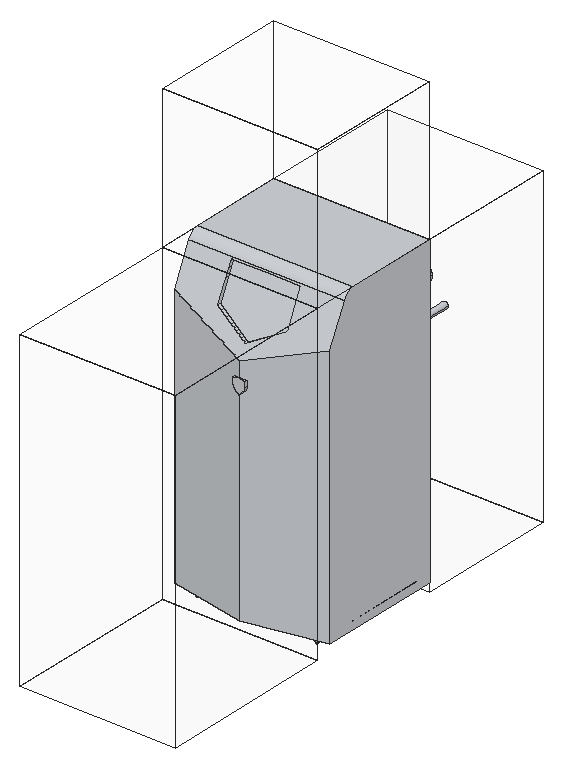
Revit family "FTXL Boiler FTX400-1000", category Mechanical Equipment, Revit 2019
Family settings
  Round Connector Dimension = Use Radius
  Part Type = Normal
  OmniClass Number = 23.65.35.11.17
  OmniClass Title = Thermodynamic Water Heaters
  Work Plane-Based = No
  Always vertical = Yes
  Cut with Voids When Loaded = No
  Shared = No
  Room Calculation Point = No
Parameters (values of type "FTX400")
  Water Outlet Radius = 1"
  Water Inlet Radius = 1"
  WATER OUTLET SIZE = Water Outlet Radius * 2  # 2"
  WATER INLET SIZE = Water Inlet Radius * 2  # 2"
  Vent Radius = 2"
  VENT SIZE = Vent Radius * 2  # 4"
  Top Clearance = 24"
  SES BIM Studio # = "24 0649 01"
  N_Water Outlet Height = 40"
  M_Water Outlet Offset = 2 1/4"
  L_Drain Height = 2 1/4"
  F_Water Inlet Height = 10 3/4"
  Gas Radius = 1/2"
  GAS SIZE = Gas Radius * 2  # 1"
  Front Clearance = 30"
  Vent Base Radius = 3"
  O_Vent Connection Height = 12 1/2"
  H_Air Inlet Height = 46 1/2"
  Elec Offset from Right = 20"
  Elec Offset from Bottom = 49"
  J_Air Inlet Offset = 3 1/4"
  P_Water Inlet Offset = 9 1/2"
  Rear Clearance = 24"
  WIDTH = 26 1/4"
  Voltage/Heater = "120"
  Voltage/Control = "24"
  URL = "https://www.lochinvar.com/products/commercial-boilers/ftxl-10/"
  FLA = "4"
  Model = MODEL NO.  # "FTX400"
  Manufacturer = "Lochinvar"
  MODEL NO. = "FTX400"
  K_Offset to Gas = 2 1/4"
  G_Gas Conn Height = 40"
  GALLON CAPACITY = "13"
  Clearance Visibility = yes
  E_Vent Offset = 9 3/4"
  DEPTH = 23 1/2"
  INPUT RATE (BTUH) = "399,000"
  D_Depth to Flue Centerline = 28"
  Air Inlet Radius = 2"
  HEIGHT = 53 1/4"
  FUEL TYPE = "NATURAL GAS"
  Description = "FTXL Fire Tube Boiler"
  Fuel Type = "Natural or LP"
  C_Total Depth = D_Depth to Flue Centerline + Vent Base Radius  # 31"
  AIR INLET SIZE = Air Inlet Radius * 2  # 4"
  # of Electrical Connections = "1"
Types (7): name | Water Outlet Radius | Water Inlet Radius | WATER OUTLET SIZE | WATER INLET SIZE | Vent Radius | VENT SIZE | M_Water Outlet Offset | L_Drain Height | F_Water Inlet Height | Gas Radius | GAS SIZE | Vent Base Radius | H_Air Inlet Height | Elec Offset from Bottom | J_Air Inlet Offset | P_Water Inlet Offset | FLA | Model | MODEL NO. | K_Offset to Gas | G_Gas Conn Height | GALLON CAPACITY | E_Vent Offset | DEPTH | INPUT RATE (BTUH) | D_Depth to Flue Centerline | Air Inlet Radius | HEIGHT | C_Total Depth | AIR INLET SIZE
  (no name) | 1" | 1" | 2" | 2" | 2" | 4" | 2 1/4" | 2 1/4" | 10 3/4" | 1/2" | 1" | 3" | 46 1/2" | 49" | 3 1/4" | 9 1/2" | "4" | "FTX400" | "FTX400" | 2 1/4" | 40" | "13" | 9 3/4" | 23 1/2" | "399,000" | 28" | 2" | 53 1/4" | 31" | 4"
  FTX1000 | 1 1/4" | 1 1/4" | 2 1/2" | 2 1/2" | 3" | 6" | 2 1/2" | 2 1/2" | 11" | 5/8" | 1 1/4" | 4 1/4" | 50 1/2" | 57" | 6 3/4" | 7 1/2" | "7" | "FTX1000" | "FTX1000" | 2 1/2" | 40 1/4" | "19" | 10 3/4" | 26 1/4" | "999,000" | 34" | 3" | 61 1/4" | 38 1/4" | 6"
  FTX850 | 1 1/4" | 1 1/4" | 2 1/2" | 2 1/2" | 3" | 6" | 2 1/4" | 2 1/4" | 11" | 1/2" | 1" | 4 1/4" | 48 1/4" | 49" | 3" | 9" | "8" | "FTX850" | "FTX850" | 3 1/2" | 40 3/4" | "16" | 10" | 23 1/2" | "850,000" | 29" | 2" | 53 1/4" | 33 1/4" | 4"
  FTX725 | 1 1/4" | 1 1/4" | 2 1/2" | 2 1/2" | 3" | 6" | 2 1/4" | 2 1/4" | 11" | 1/2" | 1" | 4 1/4" | 48 1/4" | 49" | 3" | 9" | "6" | "FTX725" | "FTX725" | 3 1/2" | 40 3/4" | "17" | 10" | 23 1/2" | "725,000" | 29" | 2" | 53 1/4" | 33 1/4" | 4"
  FTX600 | 1" | 1" | 2" | 2" | 2" | 4" | 2 1/4" | 2 1/4" | 10 3/4" | 1/2" | 1" | 3" | 48 1/4" | 49" | 3 1/4" | 9 1/2" | "7" | "FTX600" | "FTX600" | 3 3/4" | 40 3/4" | "12" | 9 3/4" | 23 1/2" | "600,000" | 28" | 2" | 53 1/4" | 31" | 4"
  FTX500 | 1" | 1" | 2" | 2" | 2" | 4" | 2 1/4" | 2 1/4" | 10 3/4" | 1/2" | 1" | 3" | 46 1/2" | 49" | 3 1/4" | 9 1/2" | "6" | "FTX500" | "FTX500" | 2 1/4" | 39 3/4" | "12" | 9 3/4" | 23 1/2" | "500,000" | 28" | 2" | 53 1/4" | 31" | 4"
  FTX400 | 1" | 1" | 2" | 2" | 2" | 4" | 2 1/4" | 2 1/4" | 10 3/4" | 1/2" | 1" | 3" | 46 1/2" | 49" | 3 1/4" | 9 1/2" | "4" | "FTX400" | "FTX400" | 2 1/4" | 40" | "13" | 9 3/4" | 23 1/2" | "399,000" | 28" | 2" | 53 1/4" | 31" | 4"
Reference planes (in)
  plane 1: z = 0
  plane 2 "Center (Left/Right)": x = -1.39218
  plane 3 "Back": y = 17.375
  plane 4 "Front": y = -6.125
  plane 5 "Top": z = 53.25
  plane 6 "Right": x = 11.73282
  plane 7 "Left": x = -14.51718
  plane 8 "Gas CL": x = 9.48282
  plane 9 "Offset to Vent": y = 24.875
  plane 10 "Gas Height": z = 40
  plane 11 "Water Inlet 2": z = 10.75
  plane 12 "Water Outlet Height": z = 40
  plane 13 "Drain Height": z = 2.25
  plane 14 "Drain CL": x = 9.23282
  plane 15 "Water Outlet CL": x = -12.26718
  plane 16: z = 77.25
  plane 17 "Back Clearance": y = 41.375
  plane 18: y = -36.125
  plane 19 "Flue CL Offset": y = 21.875
  plane 20 "Water Inlet CL": x = 2.23282
  plane 21 "air inlet height cl": z = 46.5
  plane 22 "Air Inlet CL": x = 8.48282
  plane 23 "Flue Base Top": z = 9.25
  plane 24 "Flue Conn Height": z = 12.5
  plane 25 "Flue CL": x = -4.76718
  plane 26 "Bottom": z = 1.5
  plane 27 "Rails Front": y = -2.625
  plane 28 "End of Pipe": y = 23.375
  plane 29 "End of Pipe 2": y = 19.375
  plane 30: z = 40.75
  plane 31: z = 38.25
  plane 32 "Rails Back": y = 16.375
  plane 33 "Left Display": x = -7.26718
  plane 34 "Right Display": x = 4.48282
  plane 35 "Display Top": z = 51.75
  plane 36 "Display Bottom": z = 42.89511
Forms (in)
  Extrusion 1, solid
    sketch origin (0, 0, 1.5) x (1, 0, 0) y (0, 1, 0)
      loop
        line (-14.51718, 17.375) -> (-14.51718, -6.125) -> (11.73282, -6.125) -> (11.73282, 17.375) -> (-14.51718, 17.375)
    from 51.75 to 0
  Extrusion 2, solid
    sketch origin (0, 17.375, 0) x (1, 0, 0) y (0, 0, 1)
      loop
        circle (-12.26718, 40) r 1
    from 0 to -6
  Extrusion 3, solid
    sketch origin (0, 17.375, 0) x (1, 0, 0) y (0, 0, 1)
      loop
        circle (9.23282, 2.25) r 0.5
    from 0 to -2
  Extrusion 4, solid
    sketch origin (0, 17.375, 0) x (1, 0, 0) y (0, 0, 1)
      loop
        line (-8.26718, 49.875) -> (-10.89218, 49.875) -> (-10.89218, 49) -> (-8.26718, 49) -> (-8.26718, 49.875)
    from 0 to -2
  Extrusion 5, solid
    sketch origin (20.22183, 26.15573, -17.59398) x (1, 0, 0) y (0, 0, 1)
      loop
        circle (-10.73901, 57.59398) r 0.5
    from 8.78073 to 2.78073
  Extrusion 6, solid
    sketch origin (2.09682, 30.125, -8.09398) x (1, 0, 0) y (0, 0, 1)
      loop
        circle (0.136, 18.84398) r 1
    from 12.75 to 6.75
  Extrusion 7, void
    sketch origin (0, -0.375, 1.5) x (1, 0, 0) y (0, 1, 0)
      loop
        line (-14.51718, -5.75) -> (-1.39218, -5.75) -> (-14.51718, -3.25) -> (-14.51718, -5.75)
    from 0 to 51.75
  Extrusion 8, solid
    sketch origin (0, 0, 1.5) x (1, 0, 0) y (0, 1, 0)
      loop
        line (-4.76718, 17.375) -> (-1.76718, 17.375) -> (-1.76718, 21.875)
        arc (-1.76718, 21.875) -> (-4.76718, 24.875) -> (-7.76718, 21.875) r 3
        line (-7.76718, 21.875) -> (-7.76718, 17.375) -> (-4.76718, 17.375)
    from 0 to 7.75
  Extrusion 9, solid
    sketch origin (-2.875, 0, 9.25) x (1, 0, 0) y (0, 1, 0)
      loop
        circle (-1.89218, 21.875) r 2
    from 0 to 3.25
  Extrusion 10, solid
    sketch origin (0, 17.375, 0) x (1, 0, 0) y (0, 0, 1)
      loop
        circle (8.48282, 46.5) r 2
    from 0 to -2
  Extrusion 11, void
    sketch origin (0, -0.375, 1.5) x (1, 0, 0) y (0, 1, 0)
      loop
        line (11.73282, -5.75) -> (11.73282, -3.25) -> (-1.39218, -5.75) -> (11.73282, -5.75)
    from 0 to 51.75
  Extrusion 12, solid
    sketch origin (0, -6.125, 2) x (1, 0, 0) y (0, 0, 1)
      loop
        line (-0.39218, 36.05562) -> (-1.39218, 36.25) -> (-2.39218, 36.05562) -> (-2.39218, 35.06654)
        arc (-2.39218, 35.06654) -> (-2.03815, 34.29739) -> (-1.39218, 33.75) r 1.95552
        arc (-1.39218, 33.75) -> (-0.74621, 34.29739) -> (-0.39218, 35.06654) r 1.95552
        line (-0.39218, 35.06654) -> (-0.39218, 36.05562)
    from 0.25 to -0.5
  Extrusion 13, void
    sketch origin (11.73282, 0, 0) x (0, -1, 0) y (0, 0, 1)
      loop
        line (6.125, 53.25) -> (-1.23448, 53.25)
        arc (-1.23448, 53.25) -> (-0.18679, 52.78824) -> (0.54582, 51.90836) r 2.50389
        line (0.54582, 51.90836) -> (6.125, 40.75) -> (6.125, 53.25)
    from 0 to 26.25
  Extrusion 14, void
    sketch origin (0, -6.125, 0) x (1, 0, 0) y (0, 0, 1)
      loop
        line (-1.39218, 51.75) -> (-7.26718, 51.75) -> (-7.26718, 46.0189) -> (-1.39218, 42.89511) -> (4.48282, 46.0189) -> (4.48282, 51.75) -> (-1.39218, 51.75)
    from 0 to -6
  Extrusion 15, solid
    sketch origin (-1.39218, 0, 0) x (0, 1, 0) y (0, 0, 1)
      loop
        line (-0.125, 51.75) -> (-4.55245, 42.89511) -> (-0.125, 42.89511) -> (-0.125, 51.75)
    from -5.875 to 5.875
  Extrusion 16, solid, material "Default"
    sketch origin (0, -2.625, 0) x (-1, 0, 0) y (0, 0, 1)
      loop
        line (-0.10782, 1.5) -> (1.39218, 0) -> (2.89218, 1.5) -> (2.7154, 1.5) -> (1.39218, 0.17678) -> (0.06896, 1.5) -> (-0.10782, 1.5)
      loop
        line (-10.23282, 1.5) -> (-8.73282, 0) -> (-7.23282, 1.5) -> (-7.4096, 1.5) -> (-8.73282, 0.17678) -> (-10.05604, 1.5) -> (-10.23282, 1.5)
      loop
        line (13.01718, 1.5) -> (12.8404, 1.5) -> (11.51718, 0.17678) -> (10.19396, 1.5) -> (10.01718, 1.5) -> (11.51718, 0) -> (13.01718, 1.5)
    from 0 to 19
  Extrusion 17, solid, material "Clearance", visible <- "Clearance Visibility"
    sketch origin (0, 0, 0) x (1, 0, 0) y (0, 1, 0)
      loop
        line (-14.51718, -6.125) -> (-14.51718, -36.125) -> (11.73282, -36.125) -> (11.73282, -6.125) -> (-14.51718, -6.125)
    from 0 to 53.25
  Extrusion 18, solid, material "Clearance", visible <- "Clearance Visibility"
    sketch origin (0, 0, 0) x (1, 0, 0) y (0, 1, 0)
      loop
        line (-14.51718, 41.375) -> (-14.51718, 17.375) -> (11.73282, 17.375) -> (11.73282, 41.375) -> (-14.51718, 41.375)
    from 0 to 53.25
  Extrusion 19, solid, material "Clearance", visible <- "Clearance Visibility"
    sketch origin (0, 0, 53.25) x (-1, 0, 0) y (0, -1, 0)
      loop
        line (14.51718, -17.375) -> (14.51718, 6.125) -> (-11.73282, 6.125) -> (-11.73282, -17.375) -> (14.51718, -17.375)
    from 0 to 24
Cuts and joins
  Extrusion 7, Extrusion 11, Extrusion 13, Extrusion 14 cuts Extrusion 1
  joined: Extrusion 1, Extrusion 12, Extrusion 15
Dimensions and locks (in)
  "HEIGHT": plane 5 "Top" to level
  equal spacing: plane 7 "Left", plane 2 "Center (Left/Right)", plane 6 "Right"
  "WIDTH": plane 7 "Left" to plane 6 "Right"
  "DEPTH": plane 4 "Front" to plane 3 "Back"
  "N_Water Outlet Height": level to plane 12 "Water Outlet Height"
  "F_Water Inlet Height": level to plane 11 "Water Inlet 2"
  "G_Gas Conn Height": level to plane 10 "Gas Height"
  "Top Clearance": plane 5 "Top" to plane 16
  "Front Clearance": plane 18 to plane 4 "Front"
  "Rear Clearance": plane 17 "Back Clearance" to plane 3 "Back"
  "D_Depth to Flue Centerline": plane 19 "Flue CL Offset" to plane 4 "Front"
  "H_Air Inlet Height": plane 1 to plane 21 "air inlet height cl"
  locked: Extrusion 7 sketch curve to Extrusion 7 sketch curve at 2.5
  locked: Extrusion 11 sketch curve to Extrusion 11 sketch curve at 2.5
  "E_Vent Offset": plane 7 "Left" to plane 25 "Flue CL"
  "C_Total Depth": plane 4 "Front" to plane 9 "Offset to Vent"
  "Elec Offset from Right": Extrusion 4 sketch curve to plane 6 "Right"
  locked: Extrusion 4 sketch curve to Extrusion 4 sketch curve at 2.625
  locked: plane 1 to plane 26 "Bottom" at 1.5
  locked: plane 27 "Rails Front" to plane 4 "Front" at 3.5
  locked: plane 3 "Back" to plane 28 "End of Pipe" at 6
  locked: plane 3 "Back" to plane 29 "End of Pipe 2" at 2
  locked: plane 23 "Flue Base Top" to plane 24 "Flue Conn Height" at 3.25
  "O_Vent Connection Height": plane 1 to plane 24 "Flue Conn Height"
  "M_Water Outlet Offset": plane 7 "Left" to plane 15 "Water Outlet CL"
  "Elec Offset from Bottom": plane 1 to Extrusion 4 sketch curve
  locked: Extrusion 4 sketch curve to Extrusion 4 sketch curve at 0.875
  locked: plane 5 "Top" to plane 30 at 12.5
  locked: plane 30 to plane 31 at 2.5
  locked: plane 32 "Rails Back" to plane 3 "Back" at 1
  locked: plane 5 "Top" to plane 35 "Display Top" at 1.5
  locked: plane 35 "Display Top" to plane 36 "Display Bottom" at 8.85489
  locked: plane 2 "Center (Left/Right)" to plane 33 "Left Display" at 5.875
  locked: plane 34 "Right Display" to plane 2 "Center (Left/Right)" at 5.875
  "J_Air Inlet Offset": plane 6 "Right" to plane 22 "Air Inlet CL"
  "K_Offset to Gas": plane 8 "Gas CL" to plane 6 "Right"
  "L_Drain Height": plane 1 to plane 13 "Drain Height"
  "P_Water Inlet Offset": plane 20 "Water Inlet CL" to plane 6 "Right"
  locked: plane 14 "Drain CL" to plane 6 "Right" at 2.5
  locked: Extrusion 16 sketch curve to plane 6 "Right" at 3
  locked: Extrusion 16 sketch curve to plane 6 "Right" at 4.5
  locked: Extrusion 16 sketch curve to plane 7 "Left" at 3
  locked: Extrusion 16 sketch curve to plane 7 "Left" at 4.5
  "Water Outlet Radius": radius of Extrusion 2 sketch curve
  "Water Inlet Radius": radius of Extrusion 6 sketch curve
  "Gas Radius": radius of Extrusion 5 sketch curve
  "Air Inlet Radius": radius of Extrusion 10 sketch curve
  "Vent Radius": radius of Extrusion 9 sketch curve
  "Vent Base Radius": radius of Extrusion 8 sketch curve
  aligned and locked: plane 3 "Back" to Extrusion 2
  aligned and locked: plane 3 "Back" to Extrusion 6
  aligned and locked: plane 3 "Back" to Extrusion 4
  aligned and locked: plane 3 "Back" to Extrusion 5
  aligned and locked: plane 3 "Back" to Extrusion 3
  aligned and locked: plane 8 "Gas CL" to Extrusion 5 sketch curve
  aligned and locked: Extrusion 1 to plane 3 "Back"
  aligned and locked: plane 14 "Drain CL" to Extrusion 3 sketch curve
  aligned and locked: plane 13 "Drain Height" to Extrusion 3 sketch curve
  aligned and locked: plane 10 "Gas Height" to Extrusion 5 sketch curve
  aligned and locked: plane 11 "Water Inlet 2" to Extrusion 6 sketch curve
  aligned and locked: plane 15 "Water Outlet CL" to Extrusion 2 sketch curve
  aligned and locked: plane 12 "Water Outlet Height" to Extrusion 2 sketch curve
  aligned and locked: Extrusion 1 to Extrusion 7
  aligned and locked: plane 24 "Flue Conn Height" to Extrusion 9
  aligned and locked: Extrusion 9 to plane 23 "Flue Base Top"
  aligned and locked: plane 23 "Flue Base Top" to Extrusion 8
  aligned and locked: plane 3 "Back" to Extrusion 10
  aligned and locked: plane 2 "Center (Left/Right)" to Extrusion 7 sketch curve
  aligned and locked: plane 2 "Center (Left/Right)" to Extrusion 11 sketch curve
  aligned and locked: plane 25 "Flue CL" to Extrusion 8 sketch curve
  aligned and locked: plane 19 "Flue CL Offset" to Extrusion 9 sketch curve
  aligned and locked: plane 5 "Top" to Extrusion 1
  aligned and locked: Extrusion 5 to Extrusion 2
  aligned and locked: Extrusion 6 to Extrusion 2
  aligned and locked: plane 28 "End of Pipe" to Extrusion 5
  aligned and locked: Extrusion 3 to Extrusion 4
  aligned and locked: Extrusion 10 to Extrusion 3
  aligned and locked: plane 29 "End of Pipe 2" to Extrusion 10
  aligned and locked: plane 4 "Front" to Extrusion 1
  aligned and locked: plane 5 "Top" to Extrusion 11
  aligned and locked: plane 5 "Top" to Extrusion 7
  aligned and locked: Extrusion 11 to Extrusion 1
  aligned and locked: Extrusion 13 to plane 7 "Left"
  aligned and locked: plane 30 to Extrusion 13 sketch curve
  aligned and locked: plane 31 to Extrusion 12 sketch curve
  aligned and locked: Extrusion 15 to cut or joined group of Extrusion 1, Extrusion 7, Extrusion 11, Extrusion 12, Extrusion 13, Extrusion 14, Extrusion 15  (x2)
  aligned and locked: plane 36 "Display Bottom" to Extrusion 14 sketch curve
  aligned and locked: Extrusion 15 to plane 36 "Display Bottom"
  aligned and locked: plane 32 "Rails Back" to Extrusion 16
  aligned and locked: plane 4 "Front" to Extrusion 17 sketch curve
  aligned and locked: plane 7 "Left" to Extrusion 17 sketch curve
  aligned and locked: plane 18 to Extrusion 17 sketch curve
  aligned and locked: plane 6 "Right" to Extrusion 17 sketch curve
  aligned and locked: plane 5 "Top" to Extrusion 17
  aligned and locked: Extrusion 18 sketch curve to plane 17 "Back Clearance"
  aligned and locked: plane 7 "Left" to Extrusion 18 sketch curve
  aligned and locked: Extrusion 18 sketch curve to plane 3 "Back"
  aligned and locked: plane 6 "Right" to Extrusion 18 sketch curve
  aligned and locked: plane 5 "Top" to Extrusion 18
  aligned and locked: Extrusion 19 sketch curve to cut or joined group of Extrusion 1, Extrusion 7, Extrusion 11, Extrusion 12, Extrusion 13, Extrusion 14, Extrusion 15
  aligned and locked: Extrusion 19 sketch curve to Extrusion 18
  aligned and locked: Extrusion 19 sketch curve to plane 4 "Front"
  aligned and locked: Extrusion 19 sketch curve to Extrusion 17
  aligned and locked: plane 16 to Extrusion 19
Automatic sketch dimensions
  plane 20 "Water Inlet CL" to Extrusion 6 sketch curve = 0"
  Extrusion 9 sketch curve to plane 25 "Flue CL" = 0"
  Extrusion 1 sketch curve to plane 7 "Left" = 0"
  Extrusion 1 sketch curve to plane 6 "Right" = 0"
  plane 3 "Back" to Extrusion 1 sketch curve = 0"
  Extrusion 1 sketch curve to plane 4 "Front" = 0"
  Extrusion 10 sketch curve to plane 21 "air inlet height cl" = 0"
  Extrusion 10 sketch curve to plane 22 "Air Inlet CL" = 0"
  Extrusion 7 sketch curve to plane 7 "Left" = 0"
  Extrusion 7 sketch curve to plane 4 "Front" = 0"
  Extrusion 11 sketch curve to plane 6 "Right" = 0"
  Extrusion 11 sketch curve to plane 4 "Front" = 0"
  Extrusion 12 sketch curve to plane 2 "Center (Left/Right)" = 0"  (x2)
  Extrusion 12 sketch curve to plane 2 "Center (Left/Right)" = 0.91126"
  Extrusion 12 sketch curve to plane 31 = 0.19438"  (x2)
  Extrusion 12 sketch curve to Extrusion 12 sketch curve = 0.08874"  (x2)
  plane 2 "Center (Left/Right)" to Extrusion 12 sketch curve = 0.91126"
  Extrusion 12 sketch curve to plane 31 = 0.76978"
  Extrusion 12 sketch curve to Extrusion 12 sketch curve = 0.5754"
  Extrusion 12 sketch curve to Extrusion 12 sketch curve = 0.41368"
  Extrusion 15 sketch curve to plane 21 "air inlet height cl" = 3.60489"
  Extrusion 15 sketch curve to plane 4 "Front" = 1.57255"
  plane 27 "Rails Front" to Extrusion 15 sketch curve = 2 1/2"
  Extrusion 15 sketch curve to plane 5 "Top" = 1 1/2"
  Extrusion 14 sketch curve to plane 33 "Left Display" = 0"
  Extrusion 14 sketch curve to plane 2 "Center (Left/Right)" = 0"  (x2)
  Extrusion 14 sketch curve to plane 34 "Right Display" = 0"
  Extrusion 14 sketch curve to plane 35 "Display Top" = 0"
  plane 36 "Display Bottom" to Extrusion 14 sketch curve = 3.12379"  (x2)
  Extrusion 13 sketch curve to plane 5 "Top" = 0"
  Extrusion 13 sketch curve to plane 4 "Front" = 0"
  Extrusion 13 sketch curve to plane 35 "Display Top" = 0.96141"
  plane 35 "Display Top" to Extrusion 13 sketch curve = 0.15836"
  Extrusion 13 sketch curve to Extrusion 13 sketch curve = 1.78031"
  plane 27 "Rails Front" to Extrusion 13 sketch curve = 3.85948"
  Extrusion 16 sketch curve to plane 26 "Bottom" = 0"  (x6)
  Extrusion 16 sketch curve to level = 0"  (x3)
  Extrusion 16 sketch curve to plane 2 "Center (Left/Right)" = 0"  (x2)
  plane 2 "Center (Left/Right)" to Extrusion 16 sketch curve = 1.32322"
  Extrusion 16 sketch curve to Extrusion 16 sketch curve = 0.17678"  (x6)
  Extrusion 16 sketch curve to Extrusion 16 sketch curve = 0"  (x2)
  plane 3 "Back" to Extrusion 8 sketch curve = 0"
  Extrusion 8 sketch curve to plane 19 "Flue CL Offset" = 0"
  Extrusion 8 sketch curve to plane 25 "Flue CL" = 0"
  radius of Extrusion 3 sketch curve = 1/2"
Connectors (in)
  electrical at (-9.57968, 19.375, 49.4375)
    settings: on Extrusion 4, index 29, voltage 0 V, apparent load 0 VA, apparent load phase1 0 VA, apparent load phase2 0 VA, apparent load phase3 0 VA, power factor 1, load classification "Other", number of poles 1, system type 30, power factor state 1, is connector primary yes, connector utility no, sub classification motor no, connector description ""
  piping at (2.23282, 23.375, 10.75), diameter 2, driven by "Water Inlet Radius"
    settings: on Extrusion 6, index 30, connector inside diameter 2", connector length 0", flow factor 0, pipe flow 0 GPM, pressure drop 0.00 psi, fitting loss kfactor 0, connector angle 0.00°, fixture units 0, engagement length 0", angle of deflection 0.00°, flow configuration 0, flow direction 1, fitting loss method 0, system type 20, joint type 0, gender type 0, connector reference index -1, connector utility 0, adjustable connector no, is connector primary yes, connector description "Cold Water Inlet"
  piping at (-12.26718, 23.375, 40), diameter 2, driven by "Water Outlet Radius"
    settings: on Extrusion 2, index 32, connector inside diameter 3", connector length 0", flow factor 0, pipe flow 0 GPM, pressure drop 0.00 psi, fitting loss kfactor 0, connector angle 0.00°, fixture units 0, engagement length 0", angle of deflection 0.00°, flow configuration 0, flow direction 2, fitting loss method 0, system type 19, joint type 0, gender type 0, connector reference index -1, connector utility 0, adjustable connector no, is connector primary no, connector description "Hot Water Outlet"
  piping at (9.48282, 23.375, 40), diameter 1, driven by "Gas Radius"
    settings: on Extrusion 5, index 35, connector inside diameter 1 1/2", connector length 0", flow factor 0, pipe flow 0 GPM, pressure drop 0.00 psi, fitting loss kfactor 0, connector angle 0.00°, fixture units 0, engagement length 0", angle of deflection 0.00°, flow configuration 0, flow direction 1, fitting loss method 0, system type 22, joint type 0, gender type 0, connector reference index -1, connector utility 0, adjustable connector no, is connector primary no, connector description "Gas Inlet"
  piping at (9.23282, 19.375, 2.25), diameter 1
    settings: on Extrusion 3, index 37, connector inside diameter 3/4", connector length 0", flow factor 0, pipe flow 0 GPM, pressure drop 0.00 psi, fitting loss kfactor 0, connector angle 0.00°, fixture units 0, engagement length 0", angle of deflection 0.00°, flow configuration 0, flow direction 2, fitting loss method 0, system type 16, joint type 0, gender type 0, connector reference index -1, connector utility 0, adjustable connector no, is connector primary no, connector description "Drain"
  hvac at (-4.76718, 21.875, 12.5), driven by "Vent Radius"
    settings: on Extrusion 9, index 39, duct flow 0 CFM, flow factor 0, pres drop 0.00 in-wg, loss coef 0, conn angle 0.00°, conn width 12", conn height 12", conn diameter 4", duct sys type 3, conn prof type 0, flow config 0, flow direction 2, loss method 0, conn ref index -1, conn util no, is conn primary no, conn desc "Vent"
  hvac at (8.48282, 19.375, 46.5), driven by "Air Inlet Radius"
    settings: on Extrusion 10, index 40, duct flow 0 CFM, flow factor 0, pres drop 0.00 in-wg, loss coef 0, conn angle 0.00°, conn width 12", conn height 12", conn diameter 4", duct sys type 1, conn prof type 0, flow config 0, flow direction 1, loss method 0, conn ref index -1, conn util no, is conn primary yes, conn desc "Combustion Air Inlet"
